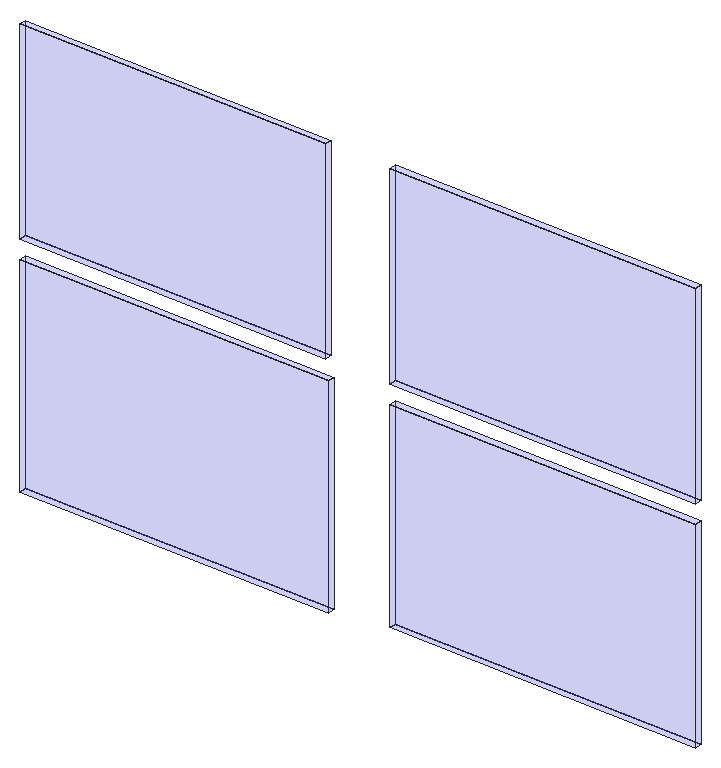
Revit family "WST_A3-C2FH", category Windows, host Wall, Revit 2016
Family settings
  Host = Wall
  Always vertical = Yes
  Cut with Voids When Loaded = No
  Shared = No
  Room Calculation Point = No
Parameters (values of type "C2FH Durowin")
  URL = "http://www.durowin.comswartland.co.za"
  Model Type = "C TYPE"
  Model = "C Type Residential open out"
  Material glass = Glass
  Material frame = Default Steel frame
  Manufacturer Code = "C2FH"
  Manufacturer = "Durowin"
  Inset = 110 mm
  Height = 949 mm
  Head Height = 2125 mm
  Wall Closure = By host
  Width = 1022 mm
  Construction Type = "Steel"
  Assembly Code = "B2020120"
Reference planes
  plane 1 "centre line": y = 0
  plane 2 "Center (Left/Right)": x = 0
  plane 3 "Left": x = -511
  plane 4 "Right": x = 511
  plane 5 "Sill": z = 1176
  plane 6 "Head": z = 2125
  plane 7 "Exterior": y = 110
  plane 8 "Interior": y = -110
  plane 9: x = 255.5
  plane 10: x = -255.5
  plane 11: z = 1650.5
  plane 12: z = 1499.667
  plane 13: z = 1801.333
  plane 14: z = 1198
  plane 15: z = 2103
  plane 16: z = 1741
  plane 17: z = 1560
Forms (mm)
  Sweep 1, solid, material "Default Steel frame" <- "Material frame", detail levels medium
    path origin (0, 0, 0) x (1, 0, 0) y (0, 0, 1)
      loop
        line (511, 1176) -> (511, 2125) -> (0, 2125) -> (0, 1176) -> (511, 1176)
    profile origin (255.5, 0, 0) x (0, 0, -1) y (0, -1, 0)
      loop
        line (-1176, -28) -> (-1176, 28) -> (-1220, 28) -> (-1220, -28) -> (-1176, -28)
  Sweep 2, solid, material "Default Steel frame" <- "Material frame", detail levels medium
    path origin (0, 0, 0) x (1, 0, 0) y (0, 0, 1)
      loop
        line (0, 1176) -> (0, 2125) -> (-511, 2125) -> (-511, 1176) -> (0, 1176)
    profile origin (-255.5, 0, 0) x (0, 0, -1) y (0, -1, 0)
      loop
        line (-1176, -28) -> (-1176, 28) -> (-1220, 28) -> (-1220, -28) -> (-1176, -28)
  Extrusion 3, solid, material "Glass" <- "Material glass", detail levels medium
    sketch origin (0, 0, 0) x (1, 0, 0) y (0, 0, 1)
      loop
        line (467, 1220) -> (467, 1487.167) -> (44, 1487.167) -> (44, 1220) -> (467, 1220)
    from 5 to -5
  Extrusion 4, solid, material "Glass" <- "Material glass", detail levels medium
    sketch origin (0, 0, 0) x (1, 0, 0) y (0, 0, 1)
      loop
        line (-44, 1220) -> (-44, 1487.167) -> (-467, 1487.167) -> (-467, 1220) -> (-44, 1220)
    from 5 to -5
  Sweep 5, solid, material "Default Steel frame" <- "Material frame", detail levels medium
    path origin (0, 0, 0) x (1, 0, 0) y (0, 0, 1)
      loop
        line (467, 1801.333) -> (44, 1801.333)
    profile origin (255.5, 0, 0) x (0, 0, -1) y (0, -1, 0)
      loop
        line (-1788.833, -16) -> (-1788.833, 16) -> (-1813.833, 16) -> (-1813.833, -16) -> (-1788.833, -16)
  Extrusion 6, solid, material "Glass"
    sketch origin (0, 0, 0) x (1, 0, 0) y (0, 0, 1)
      loop
        line (467, 1813.833) -> (467, 2081) -> (44, 2081) -> (44, 1813.833) -> (467, 1813.833)
    from 5 to -5
  Sweep 7, solid, material "Default Timber Frame", detail levels medium
    path origin (-572.5, 0, 0) x (1, 0, 0) y (0, 0, 1)
      loop
        line (528.5, 1801.333) -> (105.5, 1801.333)
    profile origin (-255.5, 0, 0) x (0, 0, -1) y (0, -1, 0)
      loop
        line (-1788.833, -16) -> (-1788.833, 16) -> (-1813.833, 16) -> (-1813.833, -16) -> (-1788.833, -16)
  Extrusion 8, solid, material "Glass"
    sketch origin (0, 0, 0) x (1, 0, 0) y (0, 0, 1)
      loop
        line (-44, 1813.833) -> (-44, 2081) -> (-467, 2081) -> (-467, 1813.833) -> (-44, 1813.833)
    from 5 to -5
  Sweep 9, solid, material "Default Steel frame" <- "Material frame", detail levels medium
    path origin (0, 0, -270.667) x (1, 0, 0) y (0, 0, 1)
      loop
        line (467, 1770.333) -> (44, 1770.333)
    profile origin (255.5, 0, 0) x (0, 0, -1) y (0, -1, 0)
      loop
        line (-1487.167, -16) -> (-1487.167, 16) -> (-1512.167, 16) -> (-1512.167, -16) -> (-1487.167, -16)
  Sweep 10, solid, material "Default Timber Frame", detail levels medium
    path origin (-572.5, 0, -270.667) x (1, 0, 0) y (0, 0, 1)
      loop
        line (528.5, 1770.333) -> (105.5, 1770.333)
    profile origin (-255.5, 0, 0) x (0, 0, -1) y (0, -1, 0)
      loop
        line (-1487.167, -16) -> (-1487.167, 16) -> (-1512.167, 16) -> (-1512.167, -16) -> (-1487.167, -16)
  Extrusion 11, solid, material "Glass"
    sketch origin (0, 0, 0) x (1, 0, 0) y (0, 0, 1)
      loop
        line (467, 1512.167) -> (467, 1788.833) -> (44, 1788.833) -> (44, 1512.167) -> (467, 1512.167)
    from 5 to -5
  Extrusion 12, solid, material "Glass"
    sketch origin (4, 0, -11.5) x (1, 0, 0) y (0, 0, 1)
      loop
        line (-44, 1512.167) -> (-44, 1800.333) -> (-471, 1800.333) -> (-471, 1512.167) -> (-44, 1512.167)
    from 5 to -5
Cuts and joins
  joined: Sweep 5, Sweep 9
  joined: Sweep 7, Sweep 10
Lines and regions (mm)
  Opening 1
    outline origin (3500, -110, 0) x (1, 0, 0) y (0, 0, 1)
      loop
        line (-2989, 1176) -> (-2989, 2125) -> (-4011, 2125) -> (-4011, 1176) -> (-2989, 1176)
  symbolic lines, style "WindowsFrameMullionProjection", detail levels coarse
    curve 1: line (-511, 0, 0) -> (511, 0, 0)
    curve 2: line (0, 0, 2125) -> (0, 0, 1176)
  symbolic lines, style "Elevation Swing", detail levels medium+fine
    curve 3: line (467, 0, 2081) -> (44, 0, 1650.5)
    curve 4: line (44, 0, 1650.5) -> (467, 0, 1220)
    curve 5: line (-44, 0, 2081) -> (-255.5, 0, 1813.833)
    curve 6: line (-467, 0, 2081) -> (-255.5, 0, 1813.833)
Text (mm)
  text "EXTERIOR" at (-1963.203, 1332.353, 0), in view "Ref. Level"
  text "INTERIOR" at (-1981.466, -818.386, 0), in view "Ref. Level"
  text "Exterior" at (0, 923.751, 2943.296), in view "Right"
  text "Exterior" at (0, 1040.484, 2685.409), in view "Left"
Dimensions and locks
  equal spacing: plane 3 "Left", plane 2 "Center (Left/Right)", plane 4 "Right"
  "Width": plane 3 "Left" to plane 4 "Right"
  "Height": plane 5 "Sill" to plane 6 "Head"
  "Head Height": plane 6 "Head" to level
  locked: plane 7 "Exterior" to host wall at 0
  locked: plane 8 "Interior" to host wall
  "Inset": plane 1 "centre line" to plane 7 "Exterior"
  locked: plane 1 "centre line" to nested 1 at 50
  equal spacing: plane 3 "Left", plane 10, plane 2 "Center (Left/Right)"
  equal spacing: plane 2 "Center (Left/Right)", plane 9, plane 4 "Right"
  locked: plane 5 "Sill" to plane 14 at 22
  locked: plane 15 to plane 6 "Head" at 22
  equal spacing: plane 5 "Sill", plane 11, plane 6 "Head"
  equal spacing: plane 15, plane 13, plane 12, plane 14
  aligned and locked: plane 1 "centre line" to curve 1
  aligned and locked: plane 1 "centre line" to curve 2
  aligned and locked: nested 1 to plane 6 "Head"
  aligned and locked: nested 2 to plane 3 "Left"
  aligned and locked: nested 2 to plane 4 "Right"
  aligned and locked: nested 2 to plane 1 "centre line"
  aligned and locked: Sweep 7 sketch curve to plane 13
  aligned and locked: Extrusion 6 sketch curve to cut or joined group of Sweep 5, Sweep 9
  aligned and locked: Extrusion 3 sketch curve to cut or joined group of Sweep 5, Sweep 9
  aligned and locked: cut or joined group of Sweep 7, Sweep 10 to Extrusion 8 sketch curve
  aligned and locked: Extrusion 4 sketch curve to cut or joined group of Sweep 7, Sweep 10
  aligned and locked: plane 6 "Head" to nested 3
  aligned and locked: plane 5 "Sill" to nested 3
  aligned and locked: nested 3 to plane 1 "centre line"
  aligned and locked: Extrusion 11 to cut or joined group of Sweep 5, Sweep 9
  aligned and locked: Extrusion 3 to Sweep 1
  aligned and locked: Extrusion 11 to Sweep 1
  aligned and locked: Extrusion 6 to Sweep 1
  aligned and locked: Extrusion 8 to Sweep 2
  aligned and locked: Extrusion 12 to cut or joined group of Sweep 5, Sweep 9
  aligned and locked: Extrusion 12 to Sweep 2
  aligned and locked: Extrusion 4 to Sweep 2
  aligned: Sweep 2 to curve 6
Automatic sketch dimensions
  Opening 1 sketch curve to plane 3 "Left" = 0 mm
  Opening 1 sketch curve to plane 4 "Right" = 0 mm
  Opening 1 sketch curve to plane 5 "Sill" = 0 mm
  Opening 1 sketch curve to plane 6 "Head" = 0 mm
  curve 1 to plane 3 "Left" = 0 mm
  curve 1 to plane 4 "Right" = 0 mm
  curve 2 to plane 5 "Sill" = 0 mm
  curve 2 to plane 6 "Head" = 0 mm
  Sweep 1 sketch curve to plane 2 "Center (Left/Right)" = 0 mm
  Sweep 1 sketch curve to plane 4 "Right" = 0 mm
  Sweep 1 sketch curve to plane 5 "Sill" = 0 mm
  Sweep 1 sketch curve to plane 6 "Head" = 0 mm
  Sweep 1 sketch curve to profile plane = 0 mm
  profile plane to Sweep 1 sketch curve = 44 mm
  Sweep 1 sketch curve to plane 1 "centre line" = 28 mm
  plane 1 "centre line" to Sweep 1 sketch curve = 28 mm
  Sweep 2 sketch curve to plane 3 "Left" = 0 mm
  Sweep 2 sketch curve to plane 2 "Center (Left/Right)" = 0 mm
  Sweep 2 sketch curve to plane 5 "Sill" = 0 mm
  Sweep 2 sketch curve to plane 6 "Head" = 0 mm
  Sweep 2 sketch curve to profile plane = 0 mm
  profile plane to Sweep 2 sketch curve = 44 mm
  Sweep 2 sketch curve to plane 1 "centre line" = 28 mm
  plane 1 "centre line" to Sweep 2 sketch curve = 28 mm
  profile plane to Sweep 5 sketch curve = 12.5 mm
  Sweep 5 sketch curve to profile plane = 12.5 mm
  Sweep 5 sketch curve to plane 1 "centre line" = 16 mm
  plane 1 "centre line" to Sweep 5 sketch curve = 16 mm
  profile plane to Sweep 7 sketch curve = 12.5 mm
  Sweep 7 sketch curve to profile plane = 12.5 mm
  Sweep 7 sketch curve to profile plane = 16 mm
  profile plane to Sweep 7 sketch curve = 16 mm
  Sweep 5 sketch curve to plane 13 = 0 mm
  plane 2 "Center (Left/Right)" to Sweep 5 sketch curve = 44 mm
  plane 4 "Right" to Sweep 5 sketch curve = 44 mm
  Sweep 7 sketch curve to plane 3 "Left" = 44 mm
  Sweep 7 sketch curve to plane 2 "Center (Left/Right)" = 44 mm
  Sweep 9 sketch curve to plane 12 = 0 mm
  plane 2 "Center (Left/Right)" to Sweep 9 sketch curve = 44 mm
  plane 4 "Right" to Sweep 9 sketch curve = 44 mm
  profile plane to Sweep 9 sketch curve = 12.5 mm
  Sweep 9 sketch curve to profile plane = 12.5 mm
  Sweep 9 sketch curve to profile plane = 16 mm
  profile plane to Sweep 9 sketch curve = 16 mm
  Sweep 10 sketch curve to plane 12 = 0 mm
  Sweep 10 sketch curve to plane 3 "Left" = 44 mm
  Sweep 10 sketch curve to plane 2 "Center (Left/Right)" = 44 mm
  profile plane to Sweep 10 sketch curve = 12.5 mm
  Sweep 10 sketch curve to profile plane = 12.5 mm
  Sweep 10 sketch curve to profile plane = 16 mm
  profile plane to Sweep 10 sketch curve = 16 mm
  Extrusion 6 sketch curve to plane 9 = 211.5 mm
  plane 4 "Right" to Extrusion 6 sketch curve = 44 mm
  plane 15 to Extrusion 6 sketch curve = 22 mm
  plane 4 "Right" to Extrusion 3 sketch curve = 44 mm
  Extrusion 3 sketch curve to plane 14 = 22 mm
  Extrusion 8 sketch curve to plane 3 "Left" = 44 mm
  plane 10 to Extrusion 8 sketch curve = 211.5 mm
  plane 15 to Extrusion 8 sketch curve = 22 mm
  Extrusion 4 sketch curve to plane 3 "Left" = 44 mm
  Extrusion 4 sketch curve to plane 14 = 22 mm
  Extrusion 12 sketch curve to plane 10 = 211.5 mm
  Extrusion 12 sketch curve to plane 2 "Center (Left/Right)" = 40 mm
  Extrusion 12 sketch curve to plane 12 = 1 mm
  Extrusion 11 sketch curve to plane 12 = 12.5 mm
  plane 2 "Center (Left/Right)" to Extrusion 11 sketch curve = 44 mm
  plane 9 to Extrusion 11 sketch curve = 211.5 mm
  Extrusion 11 sketch curve to plane 17 = 228.833 mm
  Extrusion 12 sketch curve to plane 17 = 228.833 mm
  Extrusion 3 sketch curve to plane 9 = 211.5 mm
  plane 10 to Extrusion 4 sketch curve = 211.5 mm
  curve 6 to plane 10 = 0 mm
  curve 4 to plane 11 = 0 mm
  curve 5 to plane 13 = 12.5 mm
  plane 15 to curve 3 = 22 mm
  plane 15 to curve 5 = 22 mm
  plane 15 to curve 6 = 22 mm
  curve 4 to plane 14 = 22 mm
  curve 6 to plane 3 "Left" = 44 mm
  curve 5 to plane 2 "Center (Left/Right)" = 44 mm
  plane 2 "Center (Left/Right)" to curve 4 = 44 mm
  plane 4 "Right" to curve 4 = 44 mm
  plane 4 "Right" to curve 3 = 44 mm
Nested families
  nested 1: "swartland casement frame top" at (0, 28, 2107) x (0, 1, 0) z (1, 0, 0), type "swartland casement frame top", detail levels fine
  nested 2: "SP_Section Casment + Fixed 1M" at (0, 0, 0) x (0, 1, 0) z (0, 0, 1), type "SP_Section Casment + Fixed 1M", detail levels fine
    with Overall 1022 mm
  nested 3: "SP_Section Casment 4M" at (0, 0, 1825) x (0, 1, 0) z (1, 0, 0), type "SP_Section Casment 4M", detail levels fine
    with Overall 949 mm
Definition of nested family "swartland casement frame top"
  Reference planes
    plane 1 "Center (Front/Back)": y = 0
    plane 2: z = 0
    plane 3 "Center (Left/Right)": x = 0
  Lines and regions (mm)
    Filled region 1, type "Wood cut", in view "Ref. Level", detail levels fine
      outline origin (-23, 0, 0) x (1, 0, 0) y (0, 1, 0)
        loop
          line (45, 18) -> (23, 18) -> (23, 0) -> (31.5, 0)
          arc (31.5, 0) -> (34, 2.5) -> (36.5, 0) r 2.5
          line (36.5, 0) -> (45, 0) -> (45, 18)
    detail lines, in view "Ref. Level"
      curve 1: line (22, 18, 0) -> (0, 18, 0)
      curve 2: line (22, 0, 0) -> (22, 18, 0)
      curve 3: line (13.5, 0, 0) -> (22, 0, 0)
      curve 4: arc (8.5, 0, 0) -> (11, 2.5, 0) -> (13.5, 0, 0) r 2.5
      curve 5: line (0, 0, 0) -> (8.5, 0, 0)
      curve 6: line (0, 18, 0) -> (0, 0, 0)
  Dimensions and locks
    aligned and locked: curve 1 to Filled region 1
    aligned and locked: curve 2 to Filled region 1
    aligned and locked: curve 3 to Filled region 1
    aligned and locked: curve 4 to Filled region 1
    aligned and locked: curve 5 to Filled region 1
    aligned and locked: curve 6 to Filled region 1
Definition of nested family "SP_Section Casment + Fixed 1M"
  Parameters
    Overall [instance] = 600 mm
  Reference planes
    plane 1 "Center (Front/Back)": y = 0
    plane 2: z = 0
    plane 3 "Center (Left/Right)": x = 0
    plane 4: y = 300, in view "Ref. Level"
    plane 5: y = -300, in view "Ref. Level"
    plane 6: y = 150, in view "Ref. Level"
    plane 7: y = -150, in view "Ref. Level"
  Lines and regions (mm)
    detail lines, in view "Ref. Level"
      curve 1: line (-28, -261, 0) -> (-28, 261, 0)
      curve 2: line (-23, 256, 0) -> (-23, 22, 0)
      curve 3: line (33, 237, 0) -> (33, 158.5, 0)
      curve 4: line (17, 233, 0) -> (17, 162.5, 0)
      curve 5: line (23, 158.5, 0) -> (23, 237, 0)
      curve 6: line (5, 233, 0) -> (5, 162.5, 0)
      curve 7: line (-23, -22, 0) -> (-23, -256, 0)
      curve 8: line (0, 256, 0) -> (0, 22, 0)
      curve 9: line (5, 48, 0) -> (5, 137.5, 0)
      curve 10: line (17, 137.5, 0) -> (17, 48, 0)
      curve 11: line (23, 141.5, 0) -> (23, 44, 0)
      curve 12: line (33, 141.5, 0) -> (33, 44, 0)
      curve 13: line (0, -22, 0) -> (0, -256, 0)
      curve 14: line (5, -48, 0) -> (5, -137.5, 0)
      curve 15: line (17, -48, 0) -> (17, -137.5, 0)
      curve 16: line (23, -44, 0) -> (23, -141.5, 0)
      curve 17: line (33, -44, 0) -> (33, -141.5, 0)
      curve 18: line (5, -162.5, 0) -> (5, -233, 0)
      curve 19: line (17, -162.5, 0) -> (17, -233, 0)
      curve 20: line (23, -158.5, 0) -> (23, -237, 0)
      curve 21: line (33, -158.5, 0) -> (33, -237, 0)
  Dimensions and locks
    "Overall": plane 5 to plane 4
    equal spacing: plane 5, plane 1 "Center (Front/Back)", plane 4
    equal spacing: plane 1 "Center (Front/Back)", plane 6, plane 4
    equal spacing: plane 5, plane 7, plane 1 "Center (Front/Back)"
    aligned and locked: plane 3 "Center (Left/Right)" to nested 1
    aligned and locked: plane 5 to nested 1
    aligned and locked: nested 2 to plane 3 "Center (Left/Right)"
    aligned and locked: plane 4 to nested 2
    aligned and locked: nested 3 to nested 1
    aligned and locked: plane 3 "Center (Left/Right)" to nested 3
    aligned and locked: nested 4 to nested 2
    aligned and locked: nested 4 to plane 3 "Center (Left/Right)"
    aligned and locked: plane 3 "Center (Left/Right)" to nested 5
    aligned and locked: nested 1 to curve 1
    aligned and locked: nested 2 to curve 1
    aligned and locked: curve 1 to nested 1
    aligned and locked: nested 2 to curve 2
    aligned and locked: nested 1 to curve 7
    aligned and locked: curve 2 to nested 2
    aligned and locked: nested 4 to curve 3  (x2)
    aligned and locked: nested 5 to curve 3
    aligned and locked: nested 4 to curve 4  (x2)
    aligned and locked: nested 5 to curve 4
    aligned and locked: nested 5 to curve 5
    aligned and locked: nested 4 to curve 5
    aligned and locked: nested 4 to curve 6
    aligned and locked: nested 5 to curve 6
    aligned and locked: curve 6 to nested 5
    aligned and locked: plane 6 to nested 5
    aligned and locked: plane 1 "Center (Front/Back)" to nested 7
    aligned and locked: plane 3 "Center (Left/Right)" to nested 7
    aligned and locked: nested 6 to nested 7
    aligned and locked: plane 3 "Center (Left/Right)" to nested 6
    aligned and locked: nested 7 to nested 8
    aligned and locked: nested 8 to plane 3 "Center (Left/Right)"
    aligned and locked: nested 7 to curve 2
    aligned and locked: curve 7 to nested 7
    aligned and locked: nested 2 to curve 8
    aligned and locked: nested 7 to curve 8
    aligned and locked: curve 8 to plane 3 "Center (Left/Right)"
    aligned and locked: nested 6 to curve 9
    aligned and locked: nested 5 to curve 9
    aligned and locked: curve 9 to nested 5
    aligned and locked: nested 5 to curve 10
    aligned and locked: nested 6 to curve 10
    aligned and locked: curve 10 to nested 5
    aligned and locked: nested 5 to curve 11
    aligned and locked: nested 6 to curve 11
    aligned and locked: nested 5 to curve 12
    aligned and locked: nested 6 to curve 12
    aligned and locked: curve 12 to nested 5
    aligned and locked: plane 7 to nested 9
    aligned and locked: plane 3 "Center (Left/Right)" to nested 9
    aligned and locked: nested 7 to curve 13
    aligned and locked: nested 1 to curve 13
    aligned and locked: curve 13 to plane 3 "Center (Left/Right)"
    aligned and locked: nested 8 to curve 14
    aligned and locked: nested 9 to curve 14
    aligned and locked: curve 14 to nested 9
    aligned and locked: nested 8 to curve 15  (x2)
    aligned and locked: nested 9 to curve 15
    aligned and locked: nested 8 to curve 16
    aligned and locked: nested 9 to curve 16
    aligned and locked: nested 8 to curve 17  (x2)
    aligned and locked: nested 9 to curve 17
    aligned and locked: nested 9 to curve 18  (x2)
    aligned and locked: nested 3 to curve 18
    aligned and locked: nested 9 to curve 19
    aligned and locked: nested 3 to curve 19
    aligned and locked: curve 19 to nested 9
    aligned and locked: nested 9 to curve 20
    aligned and locked: nested 3 to curve 20
    aligned and locked: nested 9 to curve 21
    aligned and locked: nested 3 to curve 21
    aligned and locked: curve 21 to nested 9
  Automatic sketch dimensions
    curve 7 to curve 13 = 23 mm
    curve 19 to curve 20 = 6 mm
    curve 10 to curve 11 = 6 mm
    curve 15 to curve 16 = 6 mm
    curve 4 to curve 5 = 6 mm
    curve 6 to curve 4 = 0 mm
  Nested families
    nested 1: "Frame" at (0, -300, 0), type "Frame", in view "Ref. Level"
    nested 2: "Frame" at (0, 300, 0), type "Frame", in view "Ref. Level"
    nested 3: "casement mullion" at (0, -271, 0), type "casement mullion", in view "Ref. Level"
    nested 4: "casement mullion" at (0, 271, 0), type "casement mullion", in view "Ref. Level"
    nested 5: "Small pane mullion" at (0, 150, 0), type "Small pane mullion", in view "Ref. Level"
    nested 6: "casement mullion" at (0, 10, 0), type "casement mullion", in view "Ref. Level"
    nested 7: "Frame mullion" at (0, 0, 0), type "Frame mullion", in view "Ref. Level"
    nested 8: "casement mullion" at (0, -10, 0), type "casement mullion", in view "Ref. Level"
    nested 9: "Small pane mullion" at (0, -150, 0), type "Small pane mullion", in view "Ref. Level"
  Definition of nested family "Frame"
    Reference planes
      plane 1 "Center (Front/Back)": y = 0
      plane 2: z = 0
      plane 3 "Center (Left/Right)": x = 0
    Lines and regions (mm)
      Filled region 1, type "Wood cut", in view "Ref. Level"
        outline origin (0, 0, 0) x (1, 0, 0) y (0, 1, 0)
          loop
            line (0, 44) -> (-23, 44) -> (-23, 42)
            arc (-23, 42) -> (-25.121, 41.121) -> (-26, 39) r 3
            line (-26, 39) -> (-28, 39) -> (-28, 0) -> (-9, 0) -> (-9, 8) -> (-4, 8) -> (-4, 0) -> (28, 0) -> (28, 29) -> (0, 29) -> (0, 44)
      detail lines, in view "Ref. Level"
        curve 1: line (0, 44, 0) -> (-23, 44, 0)
        curve 2: line (0, 29, 0) -> (0, 44, 0)
        curve 3: line (28, 29, 0) -> (0, 29, 0)
        curve 4: line (28, 0, 0) -> (28, 29, 0)
        curve 5: line (-4, 0, 0) -> (28, 0, 0)
        curve 6: line (-4, 8, 0) -> (-4, 0, 0)
        curve 7: line (-9, 8, 0) -> (-4, 8, 0)
        curve 8: line (-9, 0, 0) -> (-9, 8, 0)
        curve 9: line (-28, 0, 0) -> (-9, 0, 0)
        curve 10: line (-28, 39, 0) -> (-28, 0, 0)
        curve 11: line (-26, 39, 0) -> (-28, 39, 0)
        curve 12: arc (-23, 42, 0) -> (-25.121, 41.121, 0) -> (-26, 39, 0) r 3
        curve 13: line (-23, 44, 0) -> (-23, 42, 0)
    Dimensions and locks
      aligned and locked: curve 1 to Filled region 1
      aligned and locked: curve 2 to Filled region 1
      aligned and locked: curve 3 to Filled region 1
      aligned and locked: curve 4 to Filled region 1
      aligned and locked: curve 5 to Filled region 1
      aligned and locked: curve 6 to Filled region 1
      aligned and locked: curve 7 to Filled region 1
      aligned and locked: curve 8 to Filled region 1
      aligned and locked: curve 9 to Filled region 1
      aligned and locked: curve 10 to Filled region 1
      aligned and locked: curve 11 to Filled region 1
      aligned and locked: curve 12 to Filled region 1
      aligned and locked: curve 13 to Filled region 1
  Definition of nested family "casement mullion"
    Reference planes
      plane 1 "Center (Front/Back)": y = 0
      plane 2: z = 0
      plane 3 "Center (Left/Right)": x = 0
    Lines and regions (mm)
      Filled region 1, type "Wood cut", in view "Ref. Level"
        outline origin (-54.537, -24.443, 0) x (1, 0, 0) y (0, 1, 0)
          loop
            line (71.537, 62.443) -> (59.537, 62.443) -> (59.537, 61.443)
            arc (59.537, 61.443) -> (57.416, 60.564) -> (56.537, 58.443) r 3
            line (56.537, 58.443) -> (55.537, 58.443) -> (55.537, 25.443) -> (69.537, 25.443) -> (69.537, 28.443) -> (72.537, 28.443) -> (72.537, 25.443) -> (83.537, 25.443) -> (83.537, 18.443) -> (85.537, 18.443) -> (87.537, 24.443) -> (87.537, 58.443) -> (71.537, 58.443) -> (71.537, 62.443)
      detail lines, in view "Ref. Level"
        curve 1: line (17, 38, 0) -> (5, 38, 0)
        curve 2: line (17, 34, 0) -> (17, 38, 0)
        curve 3: line (33, 34, 0) -> (17, 34, 0)
        curve 4: line (33, 0, 0) -> (33, 34, 0)
        curve 5: line (31, -6, 0) -> (33, 0, 0)
        curve 6: line (29, 1, 0) -> (29, -6, 0)
        curve 7: line (18, 1, 0) -> (29, 1, 0)
        curve 8: line (18, 4, 0) -> (18, 1, 0)
        curve 9: line (15, 4, 0) -> (18, 4, 0)
        curve 10: line (15, 1, 0) -> (15, 4, 0)
        curve 11: line (1, 1, 0) -> (15, 1, 0)
        curve 12: line (1, 34, 0) -> (1, 1, 0)
    Dimensions and locks
      aligned and locked: curve 1 to Filled region 1
      aligned and locked: curve 2 to Filled region 1
      aligned and locked: curve 3 to Filled region 1
      aligned and locked: curve 4 to Filled region 1
      aligned and locked: curve 5 to Filled region 1
      aligned and locked: curve 6 to Filled region 1
      aligned and locked: curve 7 to Filled region 1
      aligned and locked: curve 8 to Filled region 1
      aligned and locked: curve 9 to Filled region 1
      aligned and locked: curve 10 to Filled region 1
      aligned and locked: curve 11 to Filled region 1
      aligned and locked: curve 12 to Filled region 1
  Definition of nested family "Small pane mullion"
    Reference planes
      plane 1 "Center (Front/Back)": y = 0
      plane 2: z = 0
      plane 3 "Center (Left/Right)": x = 0
    Lines and regions (mm)
      Filled region 1, type "Wood cut", in view "Ref. Level"
        outline origin (17, -22, 0) x (1, 0, 0) y (0, 1, 0)
          loop
            line (0, 34.5) -> (-12, 34.5) -> (-12, 33.5)
            arc (-12, 33.5) -> (-14.121, 32.621) -> (-15, 30.5) r 3
            line (-15, 30.5) -> (-16, 30.5) -> (-16, 13.5) -> (-15, 13.5)
            arc (-15, 13.5) -> (-14.121, 11.379) -> (-12, 10.5) r 3
            line (-12, 10.5) -> (-12, 9.5) -> (0, 9.5) -> (0, 13.5) -> (16, 13.5) -> (16, 30.5) -> (0, 30.5) -> (0, 34.5)
      detail lines, in view "Ref. Level"
        curve 1: line (17, 12.5, 0) -> (5, 12.5, 0)
        curve 2: line (33, 8.5, 0) -> (17, 8.5, 0)
        curve 3: line (17, 8.5, 0) -> (17, 12.5, 0)
        curve 4: line (33, -8.5, 0) -> (33, 8.5, 0)
        curve 5: line (17, -8.5, 0) -> (33, -8.5, 0)
        curve 6: line (17, -12.5, 0) -> (17, -8.5, 0)
        curve 7: line (5, -12.5, 0) -> (17, -12.5, 0)
        curve 8: line (5, -11.5, 0) -> (5, -12.5, 0)
        curve 9: arc (2, -8.5, 0) -> (2.879, -10.621, 0) -> (5, -11.5, 0) r 3
        curve 10: line (1, -8.5, 0) -> (2, -8.5, 0)
        curve 11: line (1, 8.5, 0) -> (1, -8.5, 0)
        curve 12: line (2, 8.5, 0) -> (1, 8.5, 0)
        curve 13: arc (5, 11.5, 0) -> (2.879, 10.621, 0) -> (2, 8.5, 0) r 3
        curve 14: line (5, 12.5, 0) -> (5, 11.5, 0)
        curve 15: line (1, 0, 0) -> (33, 0, 0)
    Dimensions and locks
      aligned and locked: curve 1 to Filled region 1
      aligned and locked: curve 2 to Filled region 1
      aligned and locked: curve 3 to Filled region 1
      aligned and locked: curve 4 to Filled region 1
      aligned and locked: curve 5 to Filled region 1
      aligned and locked: curve 6 to Filled region 1
      aligned and locked: curve 7 to Filled region 1
      aligned and locked: curve 8 to Filled region 1
      aligned and locked: curve 9 to Filled region 1
      aligned and locked: curve 10 to Filled region 1
      aligned and locked: curve 11 to Filled region 1
      aligned and locked: curve 12 to Filled region 1
      aligned and locked: curve 13 to Filled region 1
      aligned and locked: curve 14 to Filled region 1
  Definition of nested family "Frame mullion"
    Reference planes
      plane 1 "Center (Front/Back)": y = 0
      plane 2: z = 0
      plane 3 "Center (Left/Right)": x = 0
    Lines and regions (mm)
      Filled region 1, type "Wood cut", in view "Ref. Level"
        outline origin (0, -22, 0) x (1, 0, 0) y (0, 1, 0)
          loop
            line (0, 44) -> (-23, 44) -> (-23, 42)
            arc (-23, 42) -> (-25.121, 41.121) -> (-26, 39) r 3
            line (-26, 39) -> (-28, 39) -> (-28, 5) -> (-26, 5)
            arc (-26, 5) -> (-25.121, 2.879) -> (-23, 2) r 3
            line (-23, 2) -> (-23, 0) -> (0, 0) -> (0, 12) -> (28, 12) -> (28, 32) -> (0, 32) -> (0, 44)
      detail lines, in view "Ref. Level"
        curve 1: line (0, 22, 0) -> (-23, 22, 0)
        curve 2: line (0, 10, 0) -> (0, 22, 0)
        curve 3: line (28, 10, 0) -> (0, 10, 0)
        curve 4: line (28, -10, 0) -> (28, 10, 0)
        curve 5: line (0, -10, 0) -> (28, -10, 0)
        curve 6: line (0, -22, 0) -> (0, -10, 0)
        curve 7: line (-23, -22, 0) -> (0, -22, 0)
        curve 8: line (-28, 17, 0) -> (-28, -17, 0)
        curve 9: line (-26, 17, 0) -> (-28, 17, 0)
        curve 10: arc (-23, 20, 0) -> (-25.121, 19.121, 0) -> (-26, 17, 0) r 3
        curve 11: line (-23, 22, 0) -> (-23, 20, 0)
        curve 12: line (-23, -20, 0) -> (-23, -22, 0)
        curve 13: arc (-26, -17, 0) -> (-25.121, -19.121, 0) -> (-23, -20, 0) r 3
        curve 14: line (-28, -17, 0) -> (-26, -17, 0)
    Dimensions and locks
      aligned and locked: curve 1 to Filled region 1
      aligned and locked: curve 2 to Filled region 1
      aligned and locked: curve 3 to Filled region 1
      aligned and locked: curve 4 to Filled region 1
      aligned and locked: curve 5 to Filled region 1
      aligned and locked: curve 6 to Filled region 1
      aligned and locked: curve 7 to Filled region 1
      aligned and locked: curve 8 to Filled region 1
      aligned and locked: curve 9 to Filled region 1
      aligned and locked: curve 10 to Filled region 1
      aligned and locked: curve 11 to Filled region 1
      aligned and locked: curve 12 to Filled region 1
      aligned and locked: curve 13 to Filled region 1
      aligned and locked: curve 14 to Filled region 1
Definition of nested family "SP_Section Casment 4M"
  Parameters
    Overall [instance] = 500 mm
  Reference planes
    plane 1 "Center (Front/Back)": y = 0
    plane 2: z = 0
    plane 3 "Center (Left/Right)": x = 0
    plane 4: y = 300, in view "Ref. Level"
    plane 5: y = -200, in view "Ref. Level"
    plane 6: y = 172.4, in view "Ref. Level"
    plane 7: y = -72.4, in view "Ref. Level"
    plane 8: y = -154, in view "Ref. Level"
    plane 9: y = 254, in view "Ref. Level"
    plane 10: y = 9.2, in view "Ref. Level"
    plane 11: y = 90.8, in view "Ref. Level"
  Lines and regions (mm)
    detail lines, in view "Ref. Level"
      curve 1: line (-28, 261, 0) -> (-28, -161, 0)
      curve 2: line (-23, 256, 0) -> (-23, -156, 0)
      curve 3: line (0, 256, 0) -> (0, -156, 0)
      curve 4: line (5, 233, 0) -> (5, 184.9, 0)
      curve 5: line (17, 233, 0) -> (17, 184.9, 0)
      curve 6: line (23, 237, 0) -> (23, 180.9, 0)
      curve 7: line (33, 237, 0) -> (33, 180.9, 0)
      curve 8: line (5, 159.9, 0) -> (5, 103.3, 0)
      curve 9: line (17, 159.9, 0) -> (17, 103.3, 0)
      curve 10: line (23, 163.9, 0) -> (23, 99.3, 0)
      curve 11: line (33, 163.9, 0) -> (33, 99.3, 0)
      curve 12: line (5, 78.3, 0) -> (5, 21.7, 0)
      curve 13: line (17, 78.3, 0) -> (17, 21.7, 0)
      curve 14: line (23, 82.3, 0) -> (23, 17.7, 0)
      curve 15: line (33, 82.3, 0) -> (33, 17.7, 0)
      curve 16: line (5, -3.3, 0) -> (5, -59.9, 0)
      curve 17: line (17, -3.3, 0) -> (17, -59.9, 0)
      curve 18: line (23, 0.7, 0) -> (23, -63.9, 0)
      curve 19: line (33, 0.7, 0) -> (33, -63.9, 0)
      curve 20: line (5, -84.9, 0) -> (5, -133, 0)
      curve 21: line (17, -84.9, 0) -> (17, -133, 0)
      curve 22: line (23, -80.9, 0) -> (23, -137, 0)
      curve 23: line (33, -80.9, 0) -> (33, -137, 0)
  Dimensions and locks
    "Overall": plane 5 to plane 4
    locked: plane 4 to plane 9 at 46
    locked: plane 8 to plane 5 at 46
    equal spacing: plane 9, plane 6, plane 11, plane 10, plane 7, plane 8
    aligned and locked: plane 3 "Center (Left/Right)" to nested 1
    aligned and locked: plane 5 to nested 1
    aligned and locked: nested 2 to plane 3 "Center (Left/Right)"
    aligned and locked: plane 4 to nested 2
    aligned and locked: nested 3 to nested 1
    aligned and locked: plane 3 "Center (Left/Right)" to nested 3
    aligned and locked: nested 4 to nested 2
    aligned and locked: nested 4 to plane 3 "Center (Left/Right)"
    aligned and locked: plane 7 to nested 5
    aligned and locked: plane 3 "Center (Left/Right)" to nested 5
    aligned and locked: plane 6 to nested 6
    aligned and locked: plane 3 "Center (Left/Right)" to nested 6
    aligned and locked: plane 11 to nested 7
    aligned and locked: plane 3 "Center (Left/Right)" to nested 7
    aligned and locked: plane 10 to nested 8
    aligned and locked: plane 3 "Center (Left/Right)" to nested 8
    aligned and locked: nested 2 to curve 1
    aligned and locked: nested 1 to curve 1
    aligned and locked: curve 1 to nested 2
    aligned and locked: nested 2 to curve 2
    aligned and locked: nested 1 to curve 2
    aligned and locked: curve 2 to nested 2
    aligned and locked: nested 2 to curve 3
    aligned and locked: nested 1 to curve 3
    aligned and locked: curve 3 to plane 3 "Center (Left/Right)"
    aligned and locked: nested 4 to curve 4
    aligned and locked: nested 6 to curve 4
    aligned and locked: curve 4 to nested 6
    aligned and locked: nested 4 to curve 5  (x2)
    aligned and locked: nested 6 to curve 5
    aligned and locked: nested 4 to curve 6
    aligned and locked: nested 6 to curve 6
    aligned and locked: nested 4 to curve 7  (x2)
    aligned and locked: nested 6 to curve 7
    aligned and locked: nested 6 to curve 8  (x2)
    aligned and locked: nested 7 to curve 8
    aligned and locked: nested 6 to curve 9
    aligned and locked: nested 7 to curve 9
    aligned and locked: curve 9 to nested 6
    aligned and locked: nested 6 to curve 10
    aligned and locked: nested 7 to curve 10
    aligned and locked: nested 6 to curve 11
    aligned and locked: nested 7 to curve 11
    aligned and locked: curve 11 to nested 6
    aligned and locked: nested 7 to curve 12  (x2)
    aligned and locked: nested 8 to curve 12
    aligned and locked: nested 7 to curve 13
    aligned and locked: nested 8 to curve 13
    aligned and locked: curve 13 to nested 7
    aligned and locked: nested 7 to curve 14
    aligned and locked: nested 8 to curve 14
    aligned and locked: nested 7 to curve 15
    aligned and locked: nested 8 to curve 15
    aligned and locked: curve 15 to nested 7
    aligned and locked: nested 8 to curve 16  (x2)
    aligned and locked: nested 5 to curve 16
    aligned and locked: nested 8 to curve 17
    aligned and locked: nested 5 to curve 17
    aligned and locked: curve 17 to nested 8
    aligned and locked: nested 8 to curve 18
    aligned and locked: nested 5 to curve 18
    aligned and locked: nested 8 to curve 19
    aligned and locked: nested 5 to curve 19
    aligned and locked: curve 19 to nested 8
    aligned and locked: nested 5 to curve 20  (x2)
    aligned and locked: nested 3 to curve 20
    aligned and locked: nested 5 to curve 21
    aligned and locked: nested 3 to curve 21
    aligned and locked: curve 21 to nested 5
    aligned and locked: nested 5 to curve 22
    aligned and locked: nested 3 to curve 22
    aligned and locked: nested 5 to curve 23
    aligned and locked: nested 3 to curve 23
    aligned and locked: curve 23 to nested 5
  Automatic sketch dimensions
    curve 13 to curve 14 = 6 mm
    curve 21 to curve 22 = 6 mm
    curve 9 to curve 10 = 6 mm
    curve 5 to curve 6 = 6 mm
    curve 17 to curve 18 = 6 mm
  Nested families
    nested 1: "Frame" at (0, -200, 0), type "Frame", in view "Ref. Level"
    nested 2: "Frame" at (0, 300, 0), type "Frame", in view "Ref. Level"
    nested 3: "casement mullion" at (0, -171, 0), type "casement mullion", in view "Ref. Level"
    nested 4: "casement mullion" at (0, 271, 0), type "casement mullion", in view "Ref. Level"
    nested 5: "Small pane mullion" at (0, -72.4, 0), type "Small pane mullion", in view "Ref. Level"
    nested 6: "Small pane mullion" at (0, 172.4, 0), type "Small pane mullion", in view "Ref. Level"
    nested 7: "Small pane mullion" at (0, 90.8, 0), type "Small pane mullion", in view "Ref. Level"
    nested 8: "Small pane mullion" at (0, 9.2, 0), type "Small pane mullion", in view "Ref. Level"
  Definition of nested family "Frame"
    Reference planes
      plane 1 "Center (Front/Back)": y = 0
      plane 2: z = 0
      plane 3 "Center (Left/Right)": x = 0
    Lines and regions (mm)
      Filled region 1, type "Wood cut", in view "Ref. Level"
        outline origin (0, 0, 0) x (1, 0, 0) y (0, 1, 0)
          loop
            line (0, 44) -> (-23, 44) -> (-23, 42)
            arc (-23, 42) -> (-25.121, 41.121) -> (-26, 39) r 3
            line (-26, 39) -> (-28, 39) -> (-28, 0) -> (-9, 0) -> (-9, 8) -> (-4, 8) -> (-4, 0) -> (28, 0) -> (28, 29) -> (0, 29) -> (0, 44)
      detail lines, in view "Ref. Level"
        curve 1: line (0, 44, 0) -> (-23, 44, 0)
        curve 2: line (0, 29, 0) -> (0, 44, 0)
        curve 3: line (28, 29, 0) -> (0, 29, 0)
        curve 4: line (28, 0, 0) -> (28, 29, 0)
        curve 5: line (-4, 0, 0) -> (28, 0, 0)
        curve 6: line (-4, 8, 0) -> (-4, 0, 0)
        curve 7: line (-9, 8, 0) -> (-4, 8, 0)
        curve 8: line (-9, 0, 0) -> (-9, 8, 0)
        curve 9: line (-28, 0, 0) -> (-9, 0, 0)
        curve 10: line (-28, 39, 0) -> (-28, 0, 0)
        curve 11: line (-26, 39, 0) -> (-28, 39, 0)
        curve 12: arc (-23, 42, 0) -> (-25.121, 41.121, 0) -> (-26, 39, 0) r 3
        curve 13: line (-23, 44, 0) -> (-23, 42, 0)
    Dimensions and locks
      aligned and locked: curve 1 to Filled region 1
      aligned and locked: curve 2 to Filled region 1
      aligned and locked: curve 3 to Filled region 1
      aligned and locked: curve 4 to Filled region 1
      aligned and locked: curve 5 to Filled region 1
      aligned and locked: curve 6 to Filled region 1
      aligned and locked: curve 7 to Filled region 1
      aligned and locked: curve 8 to Filled region 1
      aligned and locked: curve 9 to Filled region 1
      aligned and locked: curve 10 to Filled region 1
      aligned and locked: curve 11 to Filled region 1
      aligned and locked: curve 12 to Filled region 1
      aligned and locked: curve 13 to Filled region 1
  Definition of nested family "casement mullion"
    Reference planes
      plane 1 "Center (Front/Back)": y = 0
      plane 2: z = 0
      plane 3 "Center (Left/Right)": x = 0
    Lines and regions (mm)
      Filled region 1, type "Wood cut", in view "Ref. Level"
        outline origin (-54.537, -24.443, 0) x (1, 0, 0) y (0, 1, 0)
          loop
            line (71.537, 62.443) -> (59.537, 62.443) -> (59.537, 61.443)
            arc (59.537, 61.443) -> (57.416, 60.564) -> (56.537, 58.443) r 3
            line (56.537, 58.443) -> (55.537, 58.443) -> (55.537, 25.443) -> (69.537, 25.443) -> (69.537, 28.443) -> (72.537, 28.443) -> (72.537, 25.443) -> (83.537, 25.443) -> (83.537, 18.443) -> (85.537, 18.443) -> (87.537, 24.443) -> (87.537, 58.443) -> (71.537, 58.443) -> (71.537, 62.443)
      detail lines, in view "Ref. Level"
        curve 1: line (17, 38, 0) -> (5, 38, 0)
        curve 2: line (17, 34, 0) -> (17, 38, 0)
        curve 3: line (33, 34, 0) -> (17, 34, 0)
        curve 4: line (33, 0, 0) -> (33, 34, 0)
        curve 5: line (31, -6, 0) -> (33, 0, 0)
        curve 6: line (29, 1, 0) -> (29, -6, 0)
        curve 7: line (18, 1, 0) -> (29, 1, 0)
        curve 8: line (18, 4, 0) -> (18, 1, 0)
        curve 9: line (15, 4, 0) -> (18, 4, 0)
        curve 10: line (15, 1, 0) -> (15, 4, 0)
        curve 11: line (1, 1, 0) -> (15, 1, 0)
        curve 12: line (1, 34, 0) -> (1, 1, 0)
    Dimensions and locks
      aligned and locked: curve 1 to Filled region 1
      aligned and locked: curve 2 to Filled region 1
      aligned and locked: curve 3 to Filled region 1
      aligned and locked: curve 4 to Filled region 1
      aligned and locked: curve 5 to Filled region 1
      aligned and locked: curve 6 to Filled region 1
      aligned and locked: curve 7 to Filled region 1
      aligned and locked: curve 8 to Filled region 1
      aligned and locked: curve 9 to Filled region 1
      aligned and locked: curve 10 to Filled region 1
      aligned and locked: curve 11 to Filled region 1
      aligned and locked: curve 12 to Filled region 1
  Definition of nested family "Small pane mullion"
    Reference planes
      plane 1 "Center (Front/Back)": y = 0
      plane 2: z = 0
      plane 3 "Center (Left/Right)": x = 0
    Lines and regions (mm)
      Filled region 1, type "Wood cut", in view "Ref. Level"
        outline origin (17, -22, 0) x (1, 0, 0) y (0, 1, 0)
          loop
            line (0, 34.5) -> (-12, 34.5) -> (-12, 33.5)
            arc (-12, 33.5) -> (-14.121, 32.621) -> (-15, 30.5) r 3
            line (-15, 30.5) -> (-16, 30.5) -> (-16, 13.5) -> (-15, 13.5)
            arc (-15, 13.5) -> (-14.121, 11.379) -> (-12, 10.5) r 3
            line (-12, 10.5) -> (-12, 9.5) -> (0, 9.5) -> (0, 13.5) -> (16, 13.5) -> (16, 30.5) -> (0, 30.5) -> (0, 34.5)
      detail lines, in view "Ref. Level"
        curve 1: line (17, 12.5, 0) -> (5, 12.5, 0)
        curve 2: line (33, 8.5, 0) -> (17, 8.5, 0)
        curve 3: line (17, 8.5, 0) -> (17, 12.5, 0)
        curve 4: line (33, -8.5, 0) -> (33, 8.5, 0)
        curve 5: line (17, -8.5, 0) -> (33, -8.5, 0)
        curve 6: line (17, -12.5, 0) -> (17, -8.5, 0)
        curve 7: line (5, -12.5, 0) -> (17, -12.5, 0)
        curve 8: line (5, -11.5, 0) -> (5, -12.5, 0)
        curve 9: arc (2, -8.5, 0) -> (2.879, -10.621, 0) -> (5, -11.5, 0) r 3
        curve 10: line (1, -8.5, 0) -> (2, -8.5, 0)
        curve 11: line (1, 8.5, 0) -> (1, -8.5, 0)
        curve 12: line (2, 8.5, 0) -> (1, 8.5, 0)
        curve 13: arc (5, 11.5, 0) -> (2.879, 10.621, 0) -> (2, 8.5, 0) r 3
        curve 14: line (5, 12.5, 0) -> (5, 11.5, 0)
        curve 15: line (1, 0, 0) -> (33, 0, 0)
    Dimensions and locks
      aligned and locked: curve 1 to Filled region 1
      aligned and locked: curve 2 to Filled region 1
      aligned and locked: curve 3 to Filled region 1
      aligned and locked: curve 4 to Filled region 1
      aligned and locked: curve 5 to Filled region 1
      aligned and locked: curve 6 to Filled region 1
      aligned and locked: curve 7 to Filled region 1
      aligned and locked: curve 8 to Filled region 1
      aligned and locked: curve 9 to Filled region 1
      aligned and locked: curve 10 to Filled region 1
      aligned and locked: curve 11 to Filled region 1
      aligned and locked: curve 12 to Filled region 1
      aligned and locked: curve 13 to Filled region 1
      aligned and locked: curve 14 to Filled region 1
